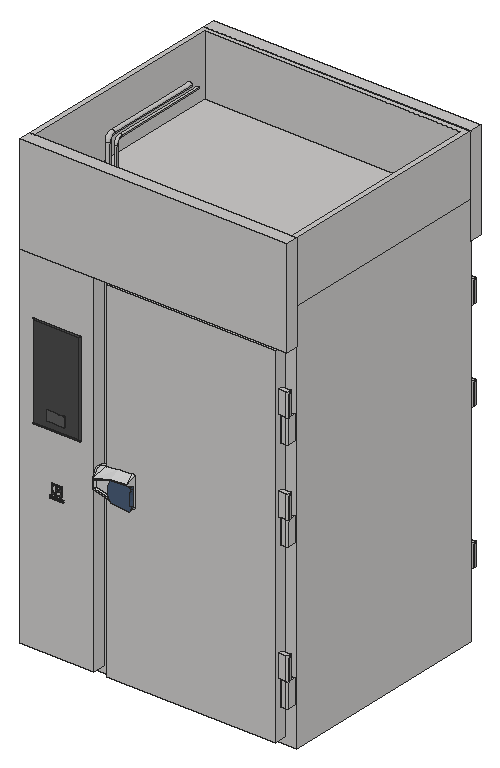
Revit family "QF_ELECTROLUXPROFESSIONAL_727746_EBFB22RPE", category Specialty Equipment, Revit 2018 (continued)
Automatic sketch dimensions
  curve 79 to plane 3 "RIGHT" = 25 mm
  plane 3 "RIGHT" to curve 74 = 39 mm
  plane 3 "RIGHT" to curve 43 = 39 mm
  plane 3 "RIGHT" to curve 71 = 50 mm
  curve 42 to curve 40 = 11 mm
  curve 74 to curve 76 = 21 mm
  curve 42 to curve 44 = 21 mm
  curve 39 to plane 7 = 23 mm
  curve 47 to plane 7 = 57 mm
  curve 47 to curve 45 = 52.711 mm
  curve 45 to curve 41 = 95.289 mm
  curve 42 to curve 42 = 23.874 mm
  curve 42 to curve 44 = 1.937 mm
  curve 37 to curve 38 = 10 mm
  curve 36 to curve 35 = 20 mm
  curve 48 to plane 4 "FRONT" = 26.348 mm
  curve 12 to plane 4 "FRONT" = 313.032 mm
  curve 11 to curve 5 = 4.241 mm
  curve 5 to curve 4 = 0.785 mm
  curve 10 to curve 10 = 10 mm
  curve 16 to curve 15 = 4.974 mm
  curve 6 to plane 9 = 232 mm
  curve 5 to curve 4 = 0.032 mm
  plane 8 "BACK" to curve 25 = 93.807 mm
  curve 25 to curve 21 = 27.807 mm
  plane 8 "BACK" to curve 67 = 26.348 mm
  curve 64 to curve 61 = 10 mm
  curve 66 to curve 65 = 10 mm
  curve 76 to plane 8 "BACK" = 719.189 mm
  curve 75 to curve 75 = 1.937 mm
  curve 74 to curve 72 = 23.874 mm
  curve 72 to curve 77 = 95.289 mm
  curve 77 to curve 79 = 52.711 mm
  curve 78 to curve 71 = 34 mm
  curve 71 to curve 71 = 23 mm
  curve 30 to curve 29 = 8 mm
  curve 29 to curve 31 = 8 mm
  curve 32 to curve 32 = 23 mm
  curve 60 to curve 60 = 23 mm
  plane 8 "BACK" to curve 2 = 0.759 mm
  plane 3 "RIGHT" to curve 2 = 100 mm
  curve 2 to plane 4 "FRONT" = 0.759 mm
  curve 48 to curve 28 = 39.652 mm
  curve 4 to curve 20 = 19.974 mm
  curve 78 to curve 68 = 0 mm
  Extrusion 32 to Extrusion 12 sketch curve = 50.191 mm
  Extrusion 32 to Extrusion 12 sketch curve = 190.294 mm
  radius of Extrusion 13 sketch curve = 12.7 mm
  radius of Sweep 14 sketch curve = 11 mm
  radius of Sweep 15 sketch curve = 6 mm
  radius of Blend 17 sketch curve to Extrusion 11 = 0 mm  (x3)
  radius of Blend 18 sketch curve to Blend 17 = 5 mm  (x3)
  radius of Blend 18 sketch curve to Blend 17 = 10 mm  (x3)
  radius of Blend 18 to Blend 19 sketch curve = 10 mm  (x2)
  radius of Blend 19 sketch curve to Blend 18 = 0 mm  (x2)
  radius of Blend 26 sketch curve to Extrusion 25 = 0 mm  (x3)
  radius of Blend 27 sketch curve to Blend 26 = 5 mm  (x3)
  radius of Blend 27 sketch curve to Blend 26 = 10 mm  (x3)
  radius of Blend 27 to Blend 28 sketch curve = 10 mm  (x2)
  radius of Blend 28 sketch curve to Blend 27 = 0 mm  (x2)
  radius of Blend 35 sketch curve to Extrusion 34 = 0 mm  (x3)
  radius of Blend 36 sketch curve to Blend 35 = 5 mm  (x3)
  radius of Blend 36 sketch curve to Blend 35 = 10 mm  (x3)
  radius of Blend 36 to Blend 37 sketch curve = 10 mm  (x2)
  radius of Blend 37 sketch curve to Blend 36 = 0 mm  (x2)
  radius of Blend 42 sketch curve to Extrusion 41 = 0 mm  (x3)
  radius of Blend 43 sketch curve to Blend 42 = 5 mm  (x3)
  radius of Blend 43 sketch curve to Blend 42 = 10 mm  (x3)
  radius of Blend 43 to Blend 44 sketch curve = 10 mm  (x2)
  radius of Blend 44 sketch curve to Blend 43 = 0 mm  (x2)
  radius of Extrusion 12 sketch curve = 10 mm
Nested families
  nested 1: "ELX_Touch" at (194.5, -1205, 1338.103) x (1, 0, 0) z (0, -1, 0), type "ELX_Touch"
  nested 2: "ELX_Logo_S_New" at (194.5, -1205, 779.103) x (1, 0, 0) z (0, -1, 0), visible <- "Show Logo", type "ELX_Logo_S_New"
    with M QF_Finishes_Black
  nested 3: "ELX_Logo_Symbol" at (194.5, -1205, 819.103) x (1, 0, 0) z (0, -1, 0), visible <- "Show Logo", type "ELX_Logo_Symbol"
    with M QF_Finishes_Black
Connectors
  piping at (271, -895, 110), diameter 25.4
    settings: on Extrusion 13, index 5, connector inside diameter 24", connector length 0 mm, flow factor 0, pipe flow 0 GPM, pressure drop 0.00 psi, fitting loss kfactor 0, connector angle 0.00°, fixture units 0, engagement length 0 mm, angle of deflection 0.00°, flow configuration 1, flow direction 2, fitting loss method 0, system type 16, joint type 0, gender type 0, connector reference index -1, connector utility 0, adjustable connector no, is connector primary yes, connector description "Drain"
  electrical at (50.191, 65, 2209.706), driven by "Volts"
    settings: on Extrusion 12, index 6, voltage 380 V, apparent load 0 VA, apparent load phase1 0 VA, apparent load phase2 0 VA, apparent load phase3 0 VA, power factor 1, load classification "Altro", number of poles 1, system type 30, power factor state 1, is connector primary yes, connector utility no, sub classification motor no, connector description "Electrical Connection"
  piping at (239, -337, 2344), diameter 12
    settings: on Sweep 15, index 7, connector inside diameter 24", connector length 0 mm, flow factor 0, pipe flow 0 GPM, pressure drop 0.00 psi, fitting loss kfactor 0, connector angle 0.00°, fixture units 0, engagement length 0 mm, angle of deflection 0.00°, flow configuration 1, flow direction 1, fitting loss method 0, system type 8, joint type 0, gender type 0, connector reference index -1, connector utility 0, adjustable connector no, is connector primary no, connector description "Refrigerant Outlet"
  piping at (196, -337, 2344), diameter 22
    settings: on Sweep 14, index 8, connector inside diameter 24", connector length 0 mm, flow factor 0, pipe flow 0 GPM, pressure drop 0.00 psi, fitting loss kfactor 0, connector angle 0.00°, fixture units 0, engagement length 0 mm, angle of deflection 0.00°, flow configuration 1, flow direction 1, fitting loss method 0, system type 7, joint type 0, gender type 0, connector reference index -1, connector utility 0, adjustable connector no, is connector primary no, connector description "Refrigerant Inlet"
Definition of nested family "ELX_Touch"
  Parameters
    Default Elevation = 1219.2 mm
  Reference planes
    plane 1 "Centro (Fronte/Retro)": y = 0
    plane 2: z = 0
    plane 3 "Centro (Sinistra/Destra)": x = 0
  Forms (mm)
    Extrusion 1, solid
      sketch origin (0, 0, 0) x (1, 0, 0) y (0, 1, 0)
        loop
          line (-1219.2, 1219.2) -> (-1219.2, -1219.2) -> (1219.2, -1219.2) -> (1219.2, 1219.2) -> (-1219.2, 1219.2)
      from 0 to -304.8
    Extrusion 2, solid
      sketch origin (0, 0, 5) x (1, 0, 0) y (0, 1, 0)
        loop
          line (-47, -160) -> (-47, -202)
          arc (-47, -202) -> (-45.536, -205.535) -> (-42, -207) r 5
          line (-42, -207) -> (42, -207)
          arc (42, -207) -> (45.536, -205.535) -> (47, -202) r 5
          line (47, -202) -> (47, -160)
          arc (47, -160) -> (45.536, -156.465) -> (42, -155) r 5
          line (42, -155) -> (-42, -155)
          arc (-42, -155) -> (-45.536, -156.465) -> (-47, -160) r 5
      from 0 to 2
    Blend 3, solid
      base sketch origin (0, 0, 0) x (1, 0, 0) y (0, 1, 0)
        loop
          line (-127, 244) -> (-127, -244)
          arc (-127, -244) -> (-125.536, -247.536) -> (-122, -249) r 5
          line (-122, -249) -> (122, -249)
          arc (122, -249) -> (125.536, -247.536) -> (127, -244) r 5
          line (127, -244) -> (127, 244)
          arc (127, 244) -> (125.536, 247.536) -> (122, 249) r 5
          line (122, 249) -> (-122, 249)
          arc (-122, 249) -> (-125.536, 247.536) -> (-127, 244) r 5
      top sketch origin (0, 0, 0) x (1, 0, 0) y (0, 1, 0)
        loop
          line (-119, -241) -> (119, -241) -> (119, 241) -> (-119, 241) -> (-119, -241)
      from 0 to 5
  Lines and regions (mm)
    Split face 1
      outline origin (0, 0, 5) x (1, 0, 0) y (0, 1, 0)
        loop
          line (-70.506, 46.167) -> (70.506, 46.167) -> (70.506, 214.829) -> (-70.506, 214.829) -> (-70.506, 46.167)
    Split face 2
      outline origin (0, 0, 5) x (1, 0, 0) y (0, 1, 0)
        loop
          line (-47.467, 50.825) -> (47.467, 50.825) -> (47.467, 210.171) -> (-47.467, 210.171) -> (-47.467, 50.825)
    Split face 3
      outline origin (0, 0, 5) x (1, 0, 0) y (0, 1, 0)
        loop
          line (-70.521, -215.33) -> (70.521, -215.33) -> (70.521, -146.67) -> (-70.521, -146.67) -> (-70.521, -215.33)
    Split face 4
      outline origin (0, 0, 5) x (1, 0, 0) y (0, 1, 0)
        loop
          line (-119, 201.163) -> (-70.506, 201.163)
        loop
          line (70.506, 201.163) -> (119, 201.163)
        loop
          line (70.521, -200.849) -> (119, -200.849)
        loop
          line (-119, -200.849) -> (-70.521, -200.849)
  Dimensions and locks
    aligned and locked: plane 2 to Extrusion 1
    aligned and locked: level to Extrusion 1
Definition of nested family "ELX_Logo_S_New"
  Parameters
    Default Elevation = 0 mm
    M [instance] = none
  Reference planes
    plane 1 "Centro (Fronte/Retro)": y = 0
    plane 2: z = 0
    plane 3 "Centro (Sinistra/Destra)": x = 0
  Forms (mm)
    Extrusion 1, solid
      sketch origin (0, 0, 0) x (1, 0, 0) y (0, 1, 0)
        loop
          line (-1219.2, 1219.2) -> (-1219.2, -1219.2) -> (1219.2, -1219.2) -> (1219.2, 1219.2) -> (-1219.2, 1219.2)
      from 0 to -304.8
    Extrusion 2, solid, material <- "M"
      sketch origin (0, 0, 0) x (1, 0, 0) y (0, 1, 0)
        loop
          spline (-32.537, -4.135) -> (-32.702, -4.128) -> (-32.877, -4.105) -> (-33.059, -4.064) -> (-33.242, -4.002) -> (-33.422, -3.916) -> (-33.593, -3.803) -> (-33.751, -3.66) -> (-33.891, -3.486) -> (-34.008, -3.276) -> (-34.098, -3.029) -> (-34.155, -2.741) -> (-34.176, -2.41)
          line (-34.176, -2.41) -> (-34.176, -0.943) -> (-29.331, -0.943) -> (-29.331, 0.928) -> (-34.176, 0.928) -> (-34.176, 3.652) -> (-29.023, 3.652) -> (-29.023, 5.518) -> (-36.159, 5.518) -> (-36.159, -2.326)
          spline (-36.159, -2.326) -> (-36.142, -2.808) -> (-36.088, -3.263) -> (-35.996, -3.688) -> (-35.867, -4.083) -> (-35.698, -4.445) -> (-35.489, -4.773) -> (-35.239, -5.066) -> (-34.946, -5.322) -> (-34.61, -5.539) -> (-34.23, -5.716) -> (-33.804, -5.851) -> (-33.332, -5.943)
          line (-33.332, -5.943) -> (-32.554, -5.999) -> (-28.885, -5.999) -> (-28.885, -4.135) -> (-32.537, -4.135)
        loop
          line (-27.476, 0.076) -> (-27.476, -6.002) -> (-25.492, -6.002) -> (-25.492, 5.521) -> (-27.476, 5.521) -> (-27.476, 0.076)
        loop
          spline (-15.702, -2.321) -> (-15.689, -1.697) -> (-15.749, -1.094) -> (-15.879, -0.516) -> (-16.078, 0.029) -> (-16.341, 0.538) -> (-16.668, 1.004) -> (-17.055, 1.422) -> (-17.5, 1.786) -> (-17.999, 2.091) -> (-18.552, 2.331) -> (-19.154, 2.5) -> (-19.804, 2.594)
          spline (-19.804, 2.594) -> (-20.422, 2.558) -> (-21.009, 2.453) -> (-21.56, 2.28) -> (-22.072, 2.042) -> (-22.54, 1.743) -> (-22.96, 1.385) -> (-23.327, 0.97) -> (-23.638, 0.502) -> (-23.887, -0.018) -> (-24.07, -0.586) -> (-24.183, -1.2) -> (-24.222, -1.857)
          spline (-24.222, -1.857) -> (-24.184, -2.498) -> (-24.074, -3.097) -> (-23.895, -3.652) -> (-23.651, -4.16) -> (-23.344, -4.618) -> (-22.979, -5.023) -> (-22.559, -5.374) -> (-22.087, -5.667) -> (-21.567, -5.899) -> (-21.003, -6.068) -> (-20.397, -6.172) -> (-19.754, -6.207)
          spline (-19.754, -6.207) -> (-19.44, -6.2) -> (-19.13, -6.176) -> (-18.823, -6.135) -> (-18.52, -6.074) -> (-18.221, -5.993) -> (-17.925, -5.89) -> (-17.634, -5.762) -> (-17.346, -5.609) -> (-17.062, -5.43) -> (-16.782, -5.221) -> (-16.506, -4.983) -> (-16.234, -4.713)
          line (-16.234, -4.713) -> (-17.429, -3.55)
          spline (-17.429, -3.55) -> (-17.587, -3.702) -> (-17.745, -3.841) -> (-17.906, -3.967) -> (-18.07, -4.08) -> (-18.239, -4.181) -> (-18.415, -4.268) -> (-18.599, -4.343) -> (-18.792, -4.404) -> (-18.996, -4.452) -> (-19.213, -4.486) -> (-19.443, -4.506) -> (-19.688, -4.513)
          spline (-19.688, -4.513) -> (-20.047, -4.496) -> (-20.383, -4.443) -> (-20.696, -4.358) -> (-20.984, -4.24) -> (-21.246, -4.092) -> (-21.479, -3.915) -> (-21.683, -3.711) -> (-21.856, -3.48) -> (-21.997, -3.224) -> (-22.104, -2.945) -> (-22.176, -2.643) -> (-22.212, -2.321)
          line (-22.212, -2.321) -> (-15.702, -2.321)
        loop
          spline (-17.695, -0.926) -> (-17.714, -0.681) -> (-17.771, -0.445) -> (-17.861, -0.221) -> (-17.984, -0.01) -> (-18.135, 0.184) -> (-18.314, 0.36) -> (-18.516, 0.516) -> (-18.741, 0.648) -> (-18.984, 0.755) -> (-19.244, 0.834) -> (-19.518, 0.883) -> (-19.804, 0.9)
          spline (-19.804, 0.9) -> (-20.11, 0.884) -> (-20.405, 0.835) -> (-20.686, 0.757) -> (-20.95, 0.652) -> (-21.195, 0.521) -> (-21.419, 0.367) -> (-21.618, 0.192) -> (-21.79, -0.003) -> (-21.934, -0.214) -> (-22.045, -0.439) -> (-22.122, -0.678) -> (-22.162, -0.926)
          line (-22.162, -0.926) -> (-17.695, -0.926)
        loop
          spline (-12.669, -1.807) -> (-12.646, -1.438) -> (-12.58, -1.088) -> (-12.472, -0.759) -> (-12.326, -0.455) -> (-12.145, -0.177) -> (-11.93, 0.072) -> (-11.685, 0.289) -> (-11.412, 0.473) -> (-11.114, 0.62) -> (-10.793, 0.728) -> (-10.453, 0.794) -> (-10.095, 0.817)
          spline (-10.095, 0.817) -> (-9.876, 0.81) -> (-9.665, 0.79) -> (-9.464, 0.756) -> (-9.271, 0.709) -> (-9.086, 0.65) -> (-8.908, 0.578) -> (-8.737, 0.495) -> (-8.572, 0.399) -> (-8.414, 0.292) -> (-8.261, 0.173) -> (-8.113, 0.044) -> (-7.969, -0.096)
          line (-7.969, -0.096) -> (-6.741, 1.183)
          spline (-6.741, 1.183) -> (-6.985, 1.427) -> (-7.237, 1.647) -> (-7.496, 1.843) -> (-7.762, 2.015) -> (-8.034, 2.164) -> (-8.312, 2.291) -> (-8.596, 2.397) -> (-8.886, 2.482) -> (-9.181, 2.546) -> (-9.481, 2.592) -> (-9.786, 2.619) -> (-10.095, 2.627)
          spline (-10.095, 2.627) -> (-10.715, 2.589) -> (-11.308, 2.476) -> (-11.871, 2.294) -> (-12.396, 2.046) -> (-12.88, 1.736) -> (-13.316, 1.369) -> (-13.7, 0.949) -> (-14.026, 0.48) -> (-14.289, -0.035) -> (-14.483, -0.59) -> (-14.604, -1.182) -> (-14.645, -1.807)
          spline (-14.645, -1.807) -> (-14.604, -2.431) -> (-14.483, -3.023) -> (-14.289, -3.578) -> (-14.026, -4.093) -> (-13.7, -4.562) -> (-13.316, -4.983) -> (-12.88, -5.35) -> (-12.396, -5.659) -> (-11.871, -5.907) -> (-11.308, -6.09) -> (-10.715, -6.202) -> (-10.095, -6.24)
          spline (-10.095, -6.24) -> (-9.786, -6.232) -> (-9.481, -6.205) -> (-9.181, -6.16) -> (-8.886, -6.095) -> (-8.596, -6.01) -> (-8.312, -5.904) -> (-8.034, -5.777) -> (-7.762, -5.628) -> (-7.496, -5.456) -> (-7.237, -5.26) -> (-6.985, -5.04) -> (-6.741, -4.796)
          line (-6.741, -4.796) -> (-7.969, -3.517)
          spline (-7.969, -3.517) -> (-8.113, -3.657) -> (-8.261, -3.786) -> (-8.414, -3.905) -> (-8.572, -4.012) -> (-8.737, -4.108) -> (-8.908, -4.192) -> (-9.086, -4.263) -> (-9.271, -4.323) -> (-9.464, -4.369) -> (-9.665, -4.403) -> (-9.876, -4.423) -> (-10.095, -4.43)
          spline (-10.095, -4.43) -> (-10.453, -4.408) -> (-10.793, -4.341) -> (-11.114, -4.233) -> (-11.412, -4.086) -> (-11.685, -3.902) -> (-11.93, -3.685) -> (-12.145, -3.436) -> (-12.326, -3.158) -> (-12.472, -2.854) -> (-12.58, -2.526) -> (-12.646, -2.176) -> (-12.669, -1.807)
        loop
          spline (-1.683, -4.138) -> (-1.858, -4.14) -> (-2.045, -4.127) -> (-2.24, -4.095) -> (-2.438, -4.04) -> (-2.633, -3.959) -> (-2.822, -3.85) -> (-2.998, -3.709) -> (-3.157, -3.533) -> (-3.294, -3.318) -> (-3.404, -3.061) -> (-3.483, -2.76) -> (-3.524, -2.411)
          line (-3.524, -2.411) -> (-3.524, 0.529) -> (-1.72, 0.529) -> (-1.72, 2.331) -> (-3.522, 2.331) -> (-3.522, 5.521) -> (-5.506, 5.521) -> (-5.506, -2.523)
          spline (-5.506, -2.523) -> (-5.463, -2.99) -> (-5.386, -3.429) -> (-5.274, -3.839) -> (-5.126, -4.218) -> (-4.941, -4.564) -> (-4.717, -4.877) -> (-4.455, -5.155) -> (-4.153, -5.396) -> (-3.81, -5.599) -> (-3.425, -5.762) -> (-2.998, -5.884) -> (-2.528, -5.964)
          line (-2.528, -5.964) -> (-1.69, -6.002) -> (-1.683, -4.138)
        loop
          spline (4.991, 2.446) -> (4.648, 2.468) -> (4.318, 2.461) -> (4.001, 2.429) -> (3.699, 2.371) -> (3.413, 2.288) -> (3.142, 2.182) -> (2.89, 2.052) -> (2.655, 1.901) -> (2.439, 1.728) -> (2.244, 1.535) -> (2.069, 1.322) -> (1.917, 1.091)
          line (1.917, 1.091) -> (1.917, 2.33) -> (-0.051, 2.33) -> (-0.051, -6.002) -> (1.917, -6.002) -> (1.917, -1.621)
          spline (1.917, -1.621) -> (1.935, -1.288) -> (1.988, -0.979) -> (2.075, -0.693) -> (2.195, -0.432) -> (2.345, -0.197) -> (2.526, 0.01) -> (2.736, 0.189) -> (2.972, 0.338) -> (3.235, 0.456) -> (3.522, 0.541) -> (3.832, 0.594) -> (4.165, 0.611)
          line (4.165, 0.611) -> (4.991, 0.529) -> (4.991, 2.446)
        loop
          spline (14.388, -1.836) -> (14.347, -1.224) -> (14.226, -0.642) -> (14.031, -0.093) -> (13.768, 0.418) -> (13.441, 0.887) -> (13.057, 1.308) -> (12.621, 1.677) -> (12.137, 1.989) -> (11.612, 2.24) -> (11.051, 2.425) -> (10.459, 2.539) -> (9.842, 2.578)
          spline (9.842, 2.578) -> (9.221, 2.539) -> (8.627, 2.425) -> (8.064, 2.24) -> (7.539, 1.989) -> (7.056, 1.677) -> (6.62, 1.308) -> (6.237, 0.887) -> (5.912, 0.418) -> (5.65, -0.093) -> (5.456, -0.642) -> (5.336, -1.224) -> (5.295, -1.836)
          spline (5.295, -1.836) -> (5.336, -2.447) -> (5.456, -3.029) -> (5.65, -3.578) -> (5.912, -4.089) -> (6.237, -4.558) -> (6.62, -4.979) -> (7.056, -5.348) -> (7.539, -5.66) -> (8.064, -5.911) -> (8.627, -6.096) -> (9.221, -6.211) -> (9.842, -6.25)
          spline (9.842, -6.25) -> (10.459, -6.211) -> (11.051, -6.096) -> (11.612, -5.911) -> (12.137, -5.66) -> (12.621, -5.348) -> (13.057, -4.979) -> (13.441, -4.558) -> (13.768, -4.089) -> (14.031, -3.578) -> (14.226, -3.029) -> (14.347, -2.447) -> (14.388, -1.836)
        loop
          spline (12.42, -1.836) -> (12.397, -1.475) -> (12.33, -1.131) -> (12.222, -0.807) -> (12.075, -0.504) -> (11.893, -0.227) -> (11.677, 0.022) -> (11.431, 0.241) -> (11.157, 0.426) -> (10.859, 0.575) -> (10.538, 0.685) -> (10.198, 0.753) -> (9.842, 0.777)
          spline (9.842, 0.777) -> (9.482, 0.753) -> (9.14, 0.685) -> (8.818, 0.575) -> (8.519, 0.426) -> (8.246, 0.241) -> (8.001, 0.022) -> (7.786, -0.227) -> (7.605, -0.504) -> (7.459, -0.807) -> (7.352, -1.131) -> (7.286, -1.475) -> (7.263, -1.836)
          spline (7.263, -1.836) -> (7.286, -2.196) -> (7.352, -2.54) -> (7.459, -2.865) -> (7.605, -3.167) -> (7.786, -3.444) -> (8.001, -3.694) -> (8.246, -3.912) -> (8.519, -4.098) -> (8.818, -4.247) -> (9.14, -4.357) -> (9.482, -4.425) -> (9.842, -4.448)
          spline (9.842, -4.448) -> (10.198, -4.425) -> (10.538, -4.357) -> (10.859, -4.247) -> (11.157, -4.098) -> (11.431, -3.912) -> (11.677, -3.694) -> (11.893, -3.444) -> (12.075, -3.167) -> (12.222, -2.865) -> (12.33, -2.54) -> (12.397, -2.196) -> (12.42, -1.836)
        loop
          line (15.608, 0.275) -> (15.608, -6.002) -> (17.593, -6.002) -> (17.593, 5.521) -> (15.608, 5.521) -> (15.608, 0.275)
        loop
          line (24.747, 2.33) -> (24.747, -2.513)
          spline (24.747, -2.513) -> (24.731, -2.828) -> (24.685, -3.112) -> (24.61, -3.366) -> (24.507, -3.59) -> (24.38, -3.785) -> (24.229, -3.952) -> (24.056, -4.091) -> (23.863, -4.203) -> (23.652, -4.29) -> (23.425, -4.35) -> (23.183, -4.386) -> (22.928, -4.398)
          spline (22.928, -4.398) -> (22.674, -4.386) -> (22.432, -4.35) -> (22.205, -4.29) -> (21.994, -4.204) -> (21.802, -4.092) -> (21.629, -3.954) -> (21.478, -3.788) -> (21.35, -3.595) -> (21.248, -3.373) -> (21.173, -3.122) -> (21.126, -2.841) -> (21.11, -2.53)
          line (21.11, -2.53) -> (21.11, 2.33) -> (19.11, 2.33) -> (19.11, -2.696)
          spline (19.11, -2.696) -> (19.145, -3.265) -> (19.248, -3.783) -> (19.413, -4.25) -> (19.636, -4.667) -> (19.912, -5.033) -> (20.236, -5.349) -> (20.603, -5.616) -> (21.008, -5.833) -> (21.446, -6.001) -> (21.913, -6.121) -> (22.403, -6.193) -> (22.912, -6.217)
          spline (22.912, -6.217) -> (23.425, -6.193) -> (23.92, -6.12) -> (24.39, -5.998) -> (24.832, -5.828) -> (25.241, -5.607) -> (25.611, -5.337) -> (25.937, -5.016) -> (26.216, -4.645) -> (26.441, -4.222) -> (26.608, -3.749) -> (26.711, -3.223) -> (26.747, -2.646)
          line (26.747, -2.646) -> (26.747, 2.33) -> (24.747, 2.33)
        loop
          line (34.253, -3.337) -> (33.002, -1.588) -> (34.551, 0.523) -> (35.878, 2.33) -> (33.713, 2.33) -> (31.91, -0.166) -> (30.092, 2.33) -> (27.943, 2.33) -> (29.175, 0.645) -> (30.82, -1.604) -> (29.096, -4.004) -> (27.662, -6.002) -> (29.794, -6.002) -> (31.91, -3.059) -> (34.027, -6.002) -> (36.159, -6.002) -> (34.253, -3.337)
      from 0 to 1.644
  Dimensions and locks
    aligned and locked: plane 2 to Extrusion 1
    aligned and locked: level to Extrusion 1
Definition of nested family "ELX_Logo_Symbol"
  Parameters
    Default Elevation = 0 mm
    M [instance] = none
  Reference planes
    plane 1 "Centro (Fronte/Retro)": y = 0
    plane 2: z = 0
    plane 3 "Centro (Sinistra/Destra)": x = 0
  Forms (mm)
    Extrusion 1, solid
      sketch origin (0, 0, 0) x (1, 0, 0) y (0, 1, 0)
        loop
          line (-1219.2, 1219.2) -> (-1219.2, -1219.2) -> (1219.2, -1219.2) -> (1219.2, 1219.2) -> (-1219.2, 1219.2)
      from 0 to -304.8
    Extrusion 2, solid, material <- "M"
      sketch origin (94.462, 558.781, 0) x (1, 0, 0) y (0, 1, 0)
        loop
          line (-101.645, -583.129) -> (-101.645, -534.543)
          arc (-101.645, -534.543) -> (-119.606, -558.836) -> (-101.645, -583.129) r 25.41
        loop
          arc (-99.174, -583.129) -> (-78.968, -578.537) -> (-69.233, -560.244) r 24.902
          line (-69.233, -560.244) -> (-77.271, -560.244)
          arc (-77.271, -560.244) -> (-91.631, -566.073) -> (-99.174, -579.611) r 23.341
          line (-99.174, -579.611) -> (-99.174, -583.129)
        loop
          arc (-99.174, -538.061) -> (-91.631, -551.599) -> (-77.271, -557.427) r 23.341
          line (-77.271, -557.427) -> (-69.233, -557.427)
          arc (-69.233, -557.427) -> (-78.952, -538.984) -> (-99.174, -533.918) r 25.553
          line (-99.174, -533.918) -> (-99.174, -538.061)
        loop
          line (-67.388, -585.781) -> (-67.388, -531.781) -> (-121.462, -531.781) -> (-121.462, -585.781) -> (-67.388, -585.781)
      from 0 to 1.644
  Dimensions and locks
    aligned and locked: plane 2 to Extrusion 1
    aligned and locked: level to Extrusion 1
